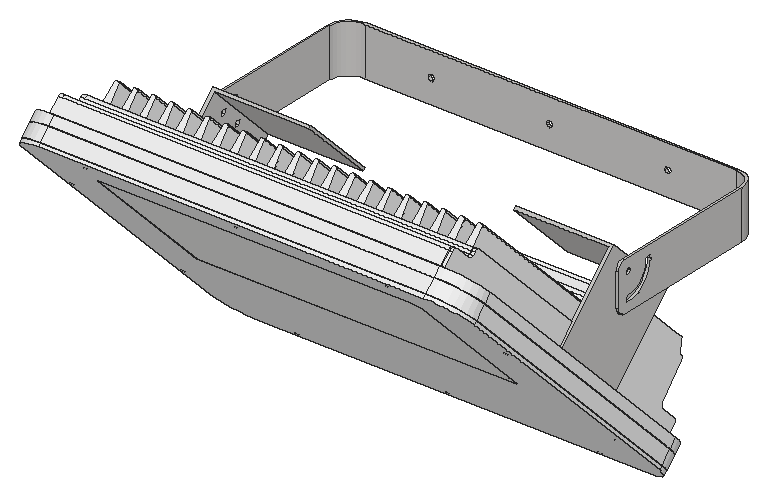
Revit family "FT ATEX LED MAX_2021", category Luminarias, Revit 2021 (continued)
Types (12, lengths in mm): name | Wattage | Power | Position | Archivo de red fotométrica | built-in parameter 1150142 | Modules | Lumens | built-in parameter 1150105 | built-in parameter 1150106 | Equiv MH
  PA304A | 135.315 W | 146 W | 90.00° | "PA304A.ies" | "IESNA:LM-63-2002\r\n[TEST] 2020-10-2/Converted LDT Editor version 1.3.0.0 - DIAL GmbH (www.dial.de) on 15-09-2020\r\n[TESTLAB] ies2eulumdat.appspot.com\r\n[ISSUEDATE] 2020-10-06T06:29:39.915\r\n[MANUFAC] AIRFAL INTERNATIONAL S.L.\r\n[LUMCAT] PA304A\r\n[LUMINAIRE] LED MAX 148W 21366lm EXTENSIVO\r\n[LAMPCAT] TRIDONIC LED MODULE\r\n[LAMP] TRIDONIC LED MODULE\r\nTILT=NONE\r\n1\t21366\t1\t91\t72\t1\t2\t0.223\t0.300\t0.003\r\n1.0\t1.0\t153.00\r\n0\t 2\t 4\t 6\t 8\t 10\t 12\t 14\t 16\t 18\r\n20\t 22\t 24\t 26\t 28\t 30\t 32\t 34\t 36\t 38\r\n40\t 42\t 44\t 46\t 48\t 50\t 52\t 54\t 56\t 58\r\n60\t 62\t 64\t 66\t 68\t 70\t 72\t 74\t 76\t 78\r\n80\t 82\t 84\t 86\t 88\t 90\t 92\t 94\t 96\t 98\r\n100\t 102\t 104\t 106\t 108\t 110\t 112\t 114\t 116\t 118\r\n120\t 122\t 124\t 126\t 128\t 130\t 132\t 134\t 136\t 138\r\n140\t 142\t 144\t 146\t 148\t 150\t 152\t 154\t 156\t 158\r\n160\t 162\t 164\t 166\t 168\t 170\t 172\t 174\t 176\t 178\r\n180\r\n0\t 5\t 10\t 15\t 20\t 25\t 30\t 35\t 40\t 45\r\n50\t 55\t 60\t 65\t 70\t 75\t 80\t 85\t 90\t 95\r\n100\t 105\t 110\t 115\t 120\t 125\t 130\t 135\t 140\t 145\r\n150\t 155\t 160\t 165\t 170\t 175\t 180\t 185\t 190\t 195\r\n200\t 205\t 210\t 215\t 220\t 225\t 230\t 235\t 240\t 245\r\n250\t 255\t 260\t 265\t 270\t 275\t 280\t 285\t 290\t 295\r\n300\t 305\t 310\t 315\t 320\t 325\t 330\t 335\t 340\t 345\r\n350\t 355\r\n1607.7915\t1610.1418\t1615.0559\t1631.5078\t1643.6864\t1669.9666\t1689.6233\t1712.4849\t1728.9367\t1745.3885\r\n1761.6267\t1776.3692\t1800.0855\t1828.7159\t1877.8577\t1934.4776\t1998.1483\t2060.537\t2125.917\t2196.4248\r\n2269.2829\t2352.6103\t2445.125\t2532.0847\t2635.0688\t2746.3856\t2879.0685\t3041.2364\t3258.1013\t3536.5003\r\n3845.88\t4182.3945\t4524.4642\t4890.4637\t5271.8468\t5576.526\t5708.1406\t5586.9953\t5081.2621\t4245.4242\r\n3227.7616\t2219.2864\t1509.5079\t1020.0128\t721.9571\t530.5178\t0\t0\t0\t0\r\n0\t0\t0\t0\t0\t0\t0\t0\t0\t0\r\n0\t0\t0\t0\t0\t0\t0\t0\t0\t0\r\n0\t0\t0\t0\t0\t0\t0\t0\t0\t0\r\n0\t0\t0\t0\t0\t0\t0\t0\t0\t0\r\n0\r\n1602.45\t1606.0822\t1612.7057\t1626.5936\t1642.6181\t1663.3431\t1685.5637\t1704.3658\t1721.245\t1739.1924\r\n1757.1398\t1775.9419\t1800.0855\t1832.9891\t1881.9173\t1939.8191\t2003.4898\t2065.4512\t2128.9082\t2193.8609\r\n2267.5736\t2349.8327\t2441.4928\t2530.8027\t2632.7185\t2747.6676\t2882.2734\t3052.1331\t3271.5619\t3549.1063\r\n3863.4001\t4199.4873\t4546.2575\t4911.8297\t5290.0079\t5579.3036\t5697.6712\t5565.4157\t5058.6142\t4231.9636\r\n3224.984\t2238.0885\t1538.993\t1057.1897\t730.7172\t535.432\t0\t0\t0\t0\r\n0\t0\t0\t0\t0\t0\t0\t0\t0\t0\r\n0\t0\t0\t0\t0\t0\t0\t0\t0\t0\r\n0\t0\t0\t0\t0\t0\t0\t0\t0\t0\r\n0\t0\t0\t0\t0\t0\t0\t0\t0\t0\r\n0\r\n1597.1085\t1602.0227\t1610.1418\t1621.6794\t1641.3361\t1656.9333\t1681.5042\t1696.2467\t1713.3395\t1732.9963\r\n1752.653\t1775.5146\t1800.0855\t1837.0487\t1886.1905\t1944.947\t2008.8313\t2070.3654\t2131.6858\t2191.5106\r\n2265.8643\t2347.0551\t2437.8606\t2529.5207\t2630.1546\t2748.9496\t2885.692\t3063.2434\t3285.0225\t3561.7122\r\n3881.1339\t4216.7938\t4567.8371\t4932.9821\t5307.9554\t5582.0812\t5686.9882\t5543.6224\t5036.1799\t4218.2894\r\n3221.9928\t2256.8906\t1568.4781\t1094.5802\t739.2636\t540.3461\t0\t0\t0\t0\r\n0\t0\t0\t0\t0\t0\t0\t0\t0\t0\r\n0\t0\t0\t0\t0\t0\t0\t0\t0\t0\r\n0\t0\t0\t0\t0\t0\t0\t0\t0\t0\r\n0\t0\t0\t0\t0\t0\t0\t0\t0\t0\r\n0\r\n1594.7582\t1600.0997\t1609.0735\t1622.534\t1639.6268\t1658.4289\t1679.3676\t1696.6741\t1714.1942\t1732.1416\r\n1752.2257\t1774.019\t1801.3675\t1835.3394\t1883.1992\t1940.0328\t2000.7122\t2062.8873\t2123.9941\t2192.5789\r\n2266.7189\t2349.8327\t2439.9972\t2532.2983\t2637.2054\t2753.4364\t2892.1018\t3072.2171\t3302.329\t3581.7962\r\n3906.5594\t4245.4242\t4587.9212\t4949.8612\t5318.2111\t5595.3281\t5688.9112\t5544.477\t5050.9224\t4219.9987\r\n3204.9\t2212.2356\t1502.2435\t1033.9007\t724.0937\t532.0134\t0\t0\t0\t0\r\n0\t0\t0\t0\t0\t0\t0\t0\t0\t0\r\n0\t0\t0\t0\t0\t0\t0\t0\t0\t0\r\n0\t0\t0\t0\t0\t0\t0\t0\t0\t0\r\n0\t0\t0\t0\t0\t0\t0\t0\t0\t0\r\n0\r\n1592.1943\t1597.9631\t1607.7915\t1623.3887\t1638.1312\t1660.1382\t1677.4447\t1697.1014\t1715.0488\t1731.287\r\n1751.7983\t1772.3097\t1802.6494\t1833.6301\t1880.4217\t1935.1186\t1992.5932\t2055.6229\t2116.0886\t2193.8609\r\n2267.5736\t2352.6103\t2441.9201\t2535.2896\t2644.0425\t2757.9233\t2898.7252\t3081.1909\t3319.4218\t3601.8803\r\n3931.7713\t4274.0546\t4608.0052\t4966.5267\t5328.4667\t5608.3613\t5691.0478\t5545.3316\t5065.6649\t4221.7079\r\n3187.8072\t2167.7944\t1435.7952\t973.435\t708.9239\t523.8943\t0\t0\t0\t0\r\n0\t0\t0\t0\t0\t0\t0\t0\t0\t0\r\n0\t0\t0\t0\t0\t0\t0\t0\t0\t0\r\n0\t0\t0\t0\t0\t0\t0\t0\t0\t0\r\n0\t0\t0\t0\t0\t0\t0\t0\t0\t0\r\n0\r\n1590.2714\t1597.5358\t1606.9369\t1623.3887\t1638.1312\t1658.8562\t1678.9403\t1697.1014\t1716.9718\t1732.5689\r\n1755.2169\t1777.2239\t1804.145\t1837.0487\t1878.7124\t1929.5635\t1983.6194\t2042.8033\t2103.4827\t2172.9222\r\n2246.2076\t2327.3984\t2417.3492\t2511.5733\t2620.7536\t2742.3261\t2883.128\t3070.2942\t3307.6705\t3590.9836\r\n3917.0288\t4262.0897\t4605.655\t4964.1764\t5326.7575\t5615.4121\t5721.3875\t5571.1845\t5088.9539\t4248.2018\r\n3186.0979\t2138.3093\t1405.2418\t951.6416\t694.6087\t514.066\t0\t0\t0\t0\r\n0\t0\t0\t0\t0\t0\t0\t0\t0\t0\r\n0\t0\t0\t0\t0\t0\t0\t0\t0\t0\r\n0\t0\t0\t0\t0\t0\t0\t0\t0\t0\r\n0\t0\t0\t0\t0\t0\t0\t0\t0\t0\r\n0\r\n1588.1348\t1597.1085\t1606.0822\t1623.3887\t1638.1312\t1657.7879\t1680.6496\t1697.1014\t1719.1084\t1733.8509\r\n1758.4218\t1782.1381\t1805.8543\t1840.2536\t1877.0031\t1923.7946\t1974.4321\t2030.1973\t2090.6631\t2152.1972\r\n2225.0552\t2301.9728\t2392.7783\t2487.857\t2597.4646\t2726.7289\t2867.5309\t3059.1839\t3295.7055\t3579.8733\r\n3902.2862\t4250.3384\t4603.091\t4961.6125\t5325.0482\t5622.2492\t5751.7272\t5596.8237\t5112.2428\t4274.9093\r\n3184.3886\t2108.8242\t1374.4748\t929.8483\t680.2934\t504.2376\t0\t0\t0\t0\r\n0\t0\t0\t0\t0\t0\t0\t0\t0\t0\r\n0\t0\t0\t0\t0\t0\t0\t0\t0\t0\r\n0\t0\t0\t0\t0\t0\t0\t0\t0\t0\r\n0\t0\t0\t0\t0\t0\t0\t0\t0\t0\r\n0\r\n1588.5621\t1597.1085\t1607.7915\t1624.2433\t1640.4815\t1658.8562\t1682.3588\t1699.0243\t1720.3903\t1737.9104\r\n1760.7721\t1784.4883\t1806.709\t1838.5443\t1873.7982\t1919.3078\t1967.5949\t2022.5056\t2084.2533\t2148.7786\r\n2219.2864\t2297.486\t2386.3685\t2478.0287\t2584.8587\t2709.6361\t2850.0107\t3037.3906\t3271.1346\t3555.7297\r\n3880.2793\t4231.109\t4584.289\t4949.0066\t5323.5526\t5634.6415\t5779.0757\t5649.3841\t5184.2462\t4333.8794\r\n3210.6688\t2100.9188\t1358.4503\t918.9517\t675.8066\t507.2288\t0\t0\t0\t0\r\n0\t0\t0\t0\t0\t0\t0\t0\t0\t0\r\n0\t0\t0\t0\t0\t0\t0\t0\t0\t0\r\n0\t0\t0\t0\t0\t0\t0\t0\t0\t0\r\n0\t0\t0\t0\t0\t0\t0\t0\t0\t0\r\n0\r\n1588.9894\t1597.1085\t1609.5008\t1624.8843\t1643.0454\t1660.1382\t1683.8545\t1701.1609\t1721.4586\t1741.97\r\n1763.336\t1787.0522\t1807.5636\t1837.0487\t1870.5933\t1914.8209\t1960.5442\t2014.6001\t2077.6298\t2145.5737\r\n2213.5176\t2292.9991\t2379.7451\t2468.2003\t2572.0391\t2692.5433\t2832.4906\t3015.8109\t3246.5637\t3531.5861\r\n3858.0586\t4211.8796\t4565.4869\t4936.187\t5321.8433\t5646.8201\t5806.4242\t5701.7308\t5256.4633\t4392.6359\r\n3236.7353\t2093.227\t1342.6394\t907.8413\t671.3197\t510.0064\t0\t0\t0\t0\r\n0\t0\t0\t0\t0\t0\t0\t0\t0\t0\r\n0\t0\t0\t0\t0\t0\t0\t0\t0\t0\r\n0\t0\t0\t0\t0\t0\t0\t0\t0\t0\r\n0\t0\t0\t0\t0\t0\t0\t0\t0\t0\r\n0\r\n1591.3397\t1597.9631\t1611.851\t1627.8755\t1644.9683\t1664.1977\t1685.1364\t1704.7931\t1724.8772\t1746.0295\r\n1767.8228\t1789.1888\t1812.9051\t1840.2536\t1875.0802\t1911.8297\t1957.7666\t2006.9084\t2066.5195\t2130.8312\r\n2199.6297\t2278.2566\t2363.7206\t2453.0305\t2556.8692\t2681.0057\t2823.5169\t3002.3503\t3235.2397\t3518.3392\r\n3844.1707\t4199.4873\t4559.7181\t4936.6143\t5328.8941\t5668.1861\t5836.3366\t5748.3086\t5315.2198\t4446.2646\r\n3252.7598\t2079.3391\t1333.8794\t890.3212\t662.346\t501.46\t0\t0\t0\t0\r\n0\t0\t0\t0\t0\t0\t0\t0\t0\t0\r\n0\t0\t0\t0\t0\t0\t0\t0\t0\t0\r\n0\t0\t0\t0\t0\t0\t0\t0\t0\t0\r\n0\t0\t0\t0\t0\t0\t0\t0\t0\t0\r\n0\r\n1593.9036\t1598.8178\t1614.415\t1630.6531\t1647.1049\t1668.2573\t1686.4184\t1708.4254\t1728.0821\t1750.3027\r\n1772.3097\t1791.1118\t1818.2466\t1843.4585\t1879.567\t1909.0521\t1954.7753\t1999.003\t2055.6229\t2116.0886\r\n2185.7418\t2263.514\t2347.9097\t2437.8606\t2541.913\t2669.468\t2814.3295\t2988.8897\t3223.7021\t3505.306\r\n3830.2828\t4187.3087\t4553.9492\t4937.0416\t5335.7312\t5689.3385\t5866.249\t5795.1002\t5374.19\t4499.8933\r\n3268.7843\t2065.4512\t1325.333\t872.5874\t653.1586\t492.9136\t0\t0\t0\t0\r\n0\t0\t0\t0\t0\t0\t0\t0\t0\t0\r\n0\t0\t0\t0\t0\t0\t0\t0\t0\t0\r\n0\t0\t0\t0\t0\t0\t0\t0\t0\t0\r\n0\t0\t0\t0\t0\t0\t0\t0\t0\t0\r\n0\r\n1593.4763\t1599.2451\t1614.415\t1630.2258\t1647.1049\t1669.5392\t1687.4867\t1710.562\t1730.2187\t1750.9437\r\n1773.1643\t1793.2484\t1819.3149\t1843.4585\t1876.3621\t1906.4882\t1950.2885\t1993.0205\t2046.6491\t2108.3969\r\n2176.7681\t2254.9676\t2338.0814\t2430.8098\t2534.4349\t2658.785\t2803.8602\t2985.0439\t3220.9245\t3504.024\r\n3826.2233\t4182.3945\t4548.6077\t4929.3499\t5327.6121\t5682.5014\t5863.685\t5788.4767\t5362.866\t4478.3136\r\n3245.9227\t2056.6912\t1318.7095\t883.2704\t658.5001\t497.8278\t0\t0\t0\t0\r\n0\t0\t0\t0\t0\t0\t0\t0\t0\t0\r\n0\t0\t0\t0\t0\t0\t0\t0\t0\t0\r\n0\t0\t0\t0\t0\t0\t0\t0\t0\t0\r\n0\t0\t0\t0\t0\t0\t0\t0\t0\t0\r\n0\r\n1593.049\t1599.6724\t1614.415\t1629.7985\t1647.1049\t1670.8212\t1688.7686\t1712.4849\t1732.1416\t1751.7983\r\n1774.019\t1795.1713\t1820.5969\t1843.4585\t1872.9436\t1904.1379\t1945.8016\t1986.8243\t2037.4618\t2100.4915\r\n2167.7944\t2246.2076\t2328.253\t2423.9727\t2527.1705\t2648.3157\t2793.1772\t2981.4116\t3217.9333\t3502.9557\r\n3822.1637\t4177.4803\t4543.2662\t4921.4444\t5319.493\t5675.4506\t5861.3348\t5781.8533\t5351.3284\t4456.5203\r\n3222.8474\t2048.1448\t1312.2997\t893.9534\t663.8416\t502.5283\t0\t0\t0\t0\r\n0\t0\t0\t0\t0\t0\t0\t0\t0\t0\r\n0\t0\t0\t0\t0\t0\t0\t0\t0\t0\r\n0\t0\t0\t0\t0\t0\t0\t0\t0\t0\r\n0\t0\t0\t0\t0\t0\t0\t0\t0\t0\r\n0\r\n1591.3397\t1600.3134\t1613.5603\t1630.2258\t1648.3869\t1670.3939\t1689.6233\t1711.6303\t1732.1416\t1750.9437\r\n1774.019\t1795.1713\t1819.3149\t1844.7404\t1872.5162\t1903.7106\t1943.024\t1985.5424\t2036.3935\t2098.5685\r\n2165.2304\t2242.148\t2326.1164\t2416.4946\t2524.6066\t2646.1791\t2794.6728\t2984.1892\t3223.2748\t3511.5021\r\n3836.0516\t4188.377\t4554.3766\t4932.5548\t5330.817\t5687.4155\t5865.8216\t5764.3331\t5324.4072\t4422.9757\r\n3209.8142\t2049.854\t1324.9057\t906.9867\t675.3793\t512.784\t0\t0\t0\t0\r\n0\t0\t0\t0\t0\t0\t0\t0\t0\t0\r\n0\t0\t0\t0\t0\t0\t0\t0\t0\t0\r\n0\t0\t0\t0\t0\t0\t0\t0\t0\t0\r\n0\t0\t0\t0\t0\t0\t0\t0\t0\t0\r\n0\r\n1589.8441\t1601.168\t1612.7057\t1630.6531\t1649.4552\t1669.9666\t1690.4779\t1710.9893\t1732.1416\t1750.3027\r\n1774.019\t1795.1713\t1818.2466\t1846.0224\t1872.0889\t1903.2833\t1940.0328\t1984.2604\t2035.1115\t2096.4319\r\n2162.8802\t2238.0885\t2323.9798\t2409.2302\t2522.2563\t2644.0425\t2796.3821\t2987.1805\t3228.6163\t3520.0485\r\n3849.9395\t4199.4873\t4565.4869\t4943.6651\t5342.3546\t5699.1668\t5870.3085\t5746.813\t5297.2724\t4389.431\r\n3196.7809\t2051.5633\t1337.7253\t920.2336\t686.9169\t523.0397\t0\t0\t0\t0\r\n0\t0\t0\t0\t0\t0\t0\t0\t0\t0\r\n0\t0\t0\t0\t0\t0\t0\t0\t0\t0\r\n0\t0\t0\t0\t0\t0\t0\t0\t0\t0\r\n0\t0\t0\t0\t0\t0\t0\t0\t0\t0\r\n0\r\n1588.9894\t1600.3134\t1613.133\t1629.7985\t1649.8825\t1668.6846\t1690.9052\t1710.1346\t1731.0733\t1748.5934\r\n1771.4551\t1793.2484\t1816.11\t1844.7404\t1872.0889\t1905.8472\t1943.4514\t1988.7473\t2040.453\t2101.3461\r\n2170.1446\t2244.2846\t2327.3984\t2416.0673\t2527.5978\t2653.8709\t2806.2104\t2998.2908\t3236.7353\t3524.9627\r\n3852.5035\t4205.2561\t4570.8284\t4951.7842\t5357.0972\t5711.5591\t5870.7358\t5722.6694\t5258.3863\t4357.5957\r\n3180.3291\t2057.5458\t1346.699\t927.9254\t694.1813\t526.8856\t0\t0\t0\t0\r\n0\t0\t0\t0\t0\t0\t0\t0\t0\t0\r\n0\t0\t0\t0\t0\t0\t0\t0\t0\t0\r\n0\t0\t0\t0\t0\t0\t0\t0\t0\t0\r\n0\t0\t0\t0\t0\t0\t0\t0\t0\t0\r\n0\r\n1588.1348\t1599.6724\t1613.5603\t1629.1575\t1650.3098\t1667.6163\t1691.3326\t1709.28\t1729.7914\t1746.8842\r\n1769.1048\t1791.1118\t1813.9734\t1843.4585\t1872.0889\t1908.1975\t1946.6563\t1993.4478\t2045.7945\t2106.2603\r\n2177.6227\t2250.4808\t2330.6033\t2423.1181\t2532.7256\t2663.6992\t2816.0388\t3009.1874\t3245.0681\t3529.8769\r\n3854.8537\t4211.0249\t4576.1699\t4960.1169\t5371.8397\t5723.7377\t5871.1631\t5698.3122\t5219.5001\t4325.5467\r\n3163.8773\t2063.7419\t1355.6727\t935.6171\t701.6594\t530.5178\t0\t0\t0\t0\r\n0\t0\t0\t0\t0\t0\t0\t0\t0\t0\r\n0\t0\t0\t0\t0\t0\t0\t0\t0\t0\r\n0\t0\t0\t0\t0\t0\t0\t0\t0\t0\r\n0\t0\t0\t0\t0\t0\t0\t0\t0\t0\r\n0\r\n1589.4167\t1597.9631\t1612.7057\t1627.8755\t1647.9596\t1668.0436\t1689.196\t1708.4254\t1726.3728\t1744.1066\r\n1765.6862\t1789.1888\t1813.3324\t1840.6809\t1872.9436\t1908.6248\t1951.5704\t2000.2849\t2055.1955\t2118.6526\r\n2188.9467\t2265.8643\t2347.0551\t2439.9972\t2548.3228\t2676.0915\t2828.6447\t3017.9475\t3255.7511\t3537.5686\r\n3865.5367\t4217.8621\t4583.007\t4968.6633\t5385.3003\t5747.8813\t5889.5379\t5704.9357\t5210.9537\t4312.5134\r\n3158.3221\t2058.8278\t1356.9547\t933.2669\t698.2409\t527.9539\t0\t0\t0\t0\r\n0\t0\t0\t0\t0\t0\t0\t0\t0\t0\r\n0\t0\t0\t0\t0\t0\t0\t0\t0\t0\r\n0\t0\t0\t0\t0\t0\t0\t0\t0\t0\r\n0\t0\t0\t0\t0\t0\t0\t0\t0\t0\r\n0\r\n1590.485\t1596.2539\t1611.851\t1626.5936\t1645.3957\t1668.2573\t1687.273\t1707.5707\t1723.1679\t1741.1153\r\n1762.4813\t1787.0522\t1812.4778\t1837.9033\t1873.7982\t1909.0521\t1956.4846\t2007.3357\t2064.5966\t2130.8312\r\n2200.4843\t2281.4615\t2363.2933\t2456.6627\t2563.92\t2688.2701\t2841.4643\t3026.4939\t3266.2204\t3545.474\r\n3876.2197\t4224.9128\t4590.0578\t4977.2097\t5398.7609\t5772.0249\t5907.9127\t5711.5591\t5202.4073\t4299.4802\r\n3152.5533\t2053.9136\t1358.023\t930.703\t695.036\t525.6036\t0\t0\t0\t0\r\n0\t0\t0\t0\t0\t0\t0\t0\t0\t0\r\n0\t0\t0\t0\t0\t0\t0\t0\t0\t0\r\n0\t0\t0\t0\t0\t0\t0\t0\t0\t0\r\n0\t0\t0\t0\t0\t0\t0\t0\t0\t0\r\n0\r\n1590.485\t1595.8265\t1611.4237\t1625.7389\t1644.9683\t1665.907\t1684.7091\t1704.7931\t1721.245\t1740.047\r\n1759.7038\t1784.4883\t1809.9139\t1836.6214\t1872.9436\t1912.257\t1962.2534\t2013.3182\t2073.143\t2138.3093\r\n2210.3127\t2291.7172\t2374.4036\t2468.2003\t2575.4576\t2700.2351\t2848.7288\t3032.4764\t3266.6477\t3542.9101\r\n3873.2285\t4218.2894\t4579.3748\t4963.3218\t5376.7539\t5748.3086\t5897.016\t5727.5836\t5223.5597\t4317.0003\r\n3157.0402\t2056.6912\t1354.8181\t927.4981\t691.4038\t524.3216\t0\t0\t0\t0\r\n0\t0\t0\t0\t0\t0\t0\t0\t0\t0\r\n0\t0\t0\t0\t0\t0\t0\t0\t0\t0\r\n0\t0\t0\t0\t0\t0\t0\t0\t0\t0\r\n0\t0\t0\t0\t0\t0\t0\t0\t0\t0\r\n0\r\n1590.485\t1595.3992\t1610.9964\t1624.8843\t1644.541\t1663.3431\t1682.3588\t1702.0156\t1719.1084\t1738.7651\r\n1756.7125\t1782.1381\t1807.5636\t1835.3394\t1872.0889\t1915.6756\t1968.0223\t2019.5143\t2081.6894\t2145.5737\r\n2220.1411\t2301.9728\t2385.5139\t2479.5243\t2586.7816\t2711.9864\t2856.2069\t3038.6725\t3267.0751\t3540.5599\r\n3870.4509\t4211.8796\t4568.6918\t4949.4339\t5354.5333\t5724.5924\t5885.9057\t5743.3945\t5244.9257\t4334.5204\r\n3161.527\t2059.6824\t1351.6132\t924.2932\t687.5579\t523.0397\t0\t0\t0\t0\r\n0\t0\t0\t0\t0\t0\t0\t0\t0\t0\r\n0\t0\t0\t0\t0\t0\t0\t0\t0\t0\r\n0\t0\t0\t0\t0\t0\t0\t0\t0\t0\r\n0\t0\t0\t0\t0\t0\t0\t0\t0\t0\r\n0\r\n1590.2714\t1595.8265\t1609.5008\t1624.2433\t1641.7634\t1660.9928\t1678.0856\t1699.4516\t1715.0488\t1734.7055\r\n1753.9349\t1778.0785\t1803.5041\t1829.9979\t1870.166\t1913.539\t1967.1676\t2022.0782\t2087.4582\t2155.4021\r\n2230.3967\t2313.9378\t2398.5472\t2489.3527\t2594.687\t2712.841\t2854.9249\t3036.3223\t3264.7248\t3537.355\r\n3861.0499\t4200.7693\t4553.9492\t4927.2133\t5313.2969\t5668.1861\t5834.4136\t5723.3104\t5243.2164\t4344.7761\r\n3171.3554\t2066.0922\t1361.0142\t933.6942\t696.7453\t528.8085\t0\t0\t0\t0\r\n0\t0\t0\t0\t0\t0\t0\t0\t0\t0\r\n0\t0\t0\t0\t0\t0\t0\t0\t0\t0\r\n0\t0\t0\t0\t0\t0\t0\t0\t0\t0\r\n0\t0\t0\t0\t0\t0\t0\t0\t0\t0\r\n0\r\n1589.8441\t1596.2539\t1607.7915\t1623.3887\t1638.7722\t1658.4289\t1674.0261\t1697.1014\t1710.9893\t1730.646\r\n1750.9437\t1774.019\t1799.2309\t1824.6564\t1868.0294\t1911.4024\t1966.313\t2024.4285\t2093.227\t2165.2304\r\n2240.6524\t2325.6891\t2411.5804\t2499.181\t2602.3788\t2713.6957\t2853.643\t3033.7583\t3262.1609\t3533.9364\r\n3851.6488\t4189.6589\t4539.2067\t4905.2063\t5271.8468\t5611.5662\t5782.7079\t5703.2264\t5241.7208\t4355.0318\r\n3181.1837\t2072.7157\t1370.4152\t943.0952\t705.719\t534.5773\t0\t0\t0\t0\r\n0\t0\t0\t0\t0\t0\t0\t0\t0\t0\r\n0\t0\t0\t0\t0\t0\t0\t0\t0\t0\r\n0\t0\t0\t0\t0\t0\t0\t0\t0\t0\r\n0\t0\t0\t0\t0\t0\t0\t0\t0\t0\r\n0\r\n1589.8441\t1595.8265\t1607.3642\t1620.8248\t1636.4219\t1654.3694\t1671.6758\t1692.1872\t1708.4254\t1728.0821\r\n1746.4568\t1770.1731\t1794.103\t1823.8018\t1863.5425\t1909.9067\t1968.0223\t2028.0607\t2095.5773\t2169.29\r\n2246.2076\t2332.3126\t2417.7766\t2507.9411\t2609.4296\t2723.9513\t2862.403\t3041.2364\t3266.6477\t3540.1325\r\n3857.4176\t4193.2912\t4539.634\t4894.096\t5243.6437\t5560.0742\t5728.2246\t5660.708\t5218.2182\t4349.263\r\n3191.4394\t2099.8505\t1396.4818\t965.9569\t725.3757\t552.0974\t0\t0\t0\t0\r\n0\t0\t0\t0\t0\t0\t0\t0\t0\t0\r\n0\t0\t0\t0\t0\t0\t0\t0\t0\t0\r\n0\t0\t0\t0\t0\t0\t0\t0\t0\t0\r\n0\t0\t0\t0\t0\t0\t0\t0\t0\t0\r\n0\r\n1589.8441\t1595.3992\t1606.9369\t1618.4745\t1634.0717\t1650.3098\t1669.1119\t1687.273\t1706.0751\t1725.7318\r\n1741.97\t1766.5409\t1788.7615\t1823.1608\t1859.0557\t1908.1975\t1969.5179\t2031.9066\t2098.1412\t2173.3495\r\n2251.9764\t2338.7224\t2423.9727\t2516.4875\t2616.2667\t2734.207\t2870.9494\t3048.5009\t3271.1346\t3546.3287\r\n3862.9728\t4197.137\t4540.0613\t4882.9856\t5215.4406\t5508.5821\t5673.955\t5618.1897\t5194.9292\t4343.7078\r\n3201.6951\t2126.7716\t1422.7619\t988.8185\t745.0324\t569.8312\t0\t0\t0\t0\r\n0\t0\t0\t0\t0\t0\t0\t0\t0\t0\r\n0\t0\t0\t0\t0\t0\t0\t0\t0\t0\r\n0\t0\t0\t0\t0\t0\t0\t0\t0\t0\r\n0\t0\t0\t0\t0\t0\t0\t0\t0\t0\r\n0\r\n1588.9894\t1595.3992\t1605.6549\t1617.6199\t1632.3624\t1647.9596\t1666.7617\t1682.9998\t1703.0839\t1721.245\r\n1737.0558\t1761.6267\t1782.1381\t1816.5373\t1854.1415\t1906.0609\t1966.313\t2031.9066\t2101.3461\t2177.1954\r\n2257.3179\t2340.4316\t2428.4596\t2518.4104\t2619.8989\t2738.6939\t2877.3592\t3054.697\t3275.4078\t3548.2516\r\n3860.1952\t4189.2316\t4522.1139\t4856.0645\t5189.5877\t5473.7555\t5627.1634\t5564.1337\t5143.8645\t4308.8812\r\n3192.935\t2137.882\t1435.7952\t998.6468\t750.5876\t571.3268\t0\t0\t0\t0\r\n0\t0\t0\t0\t0\t0\t0\t0\t0\t0\r\n0\t0\t0\t0\t0\t0\t0\t0\t0\t0\r\n0\t0\t0\t0\t0\t0\t0\t0\t0\t0\r\n0\t0\t0\t0\t0\t0\t0\t0\t0\t0\r\n0\r\n1588.1348\t1595.3992\t1604.5866\t1616.7652\t1630.6531\t1645.3957\t1664.1977\t1678.9403\t1700.3063\t1716.5444\r\n1732.1416\t1756.7125\t1775.5146\t1809.9139\t1849.2273\t1904.1379\t1963.1081\t2031.9066\t2104.7647\t2180.8276\r\n2262.6594\t2342.1409\t2432.9464\t2520.547\t2623.7448\t2743.1807\t2883.9827\t3060.8932\t3279.4673\t3550.3882\r\n3857.4176\t4181.5399\t4503.9528\t4829.1433\t5163.9485\t5438.929\t5580.5855\t5510.0777\t5092.5861
